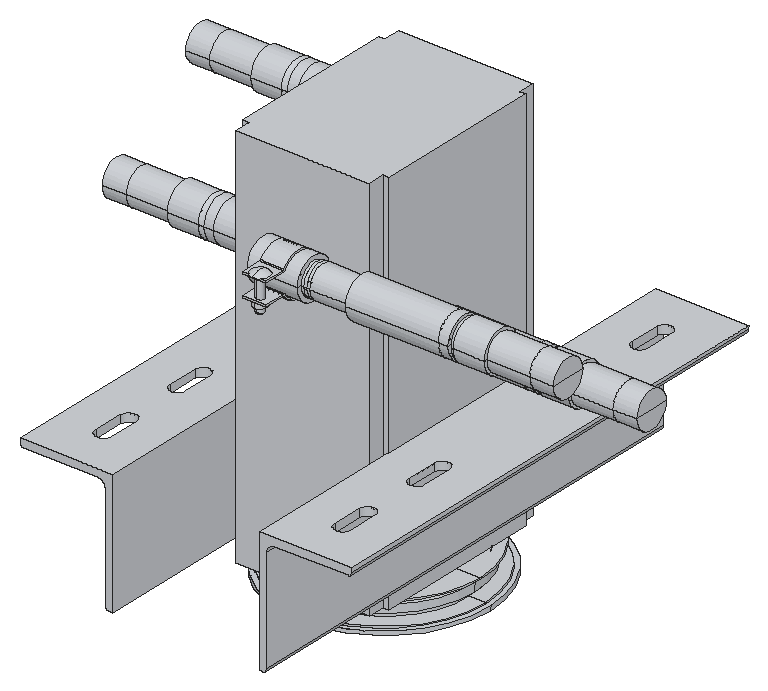
Revit family "BUSport-TR3-01", category Electrical Fixtures, host Ceiling, Revit 2018
Family settings
  Host = Ceiling
  Maintain Annotation Orientation = No
  Round Connector Dimension = Use Diameter
  Part Type = Normal
  OmniClass Number = 23.80.00.00
  OmniClass Title = Electric Power and Lighting
  Always vertical = Yes
  Cut with Voids When Loaded = No
  Shared = No
  Room Calculation Point = No
Reference planes (in)
  plane 1 "Center (Front/Back)": y = 0
  plane 2 "Ceiling": z = 96
  plane 3 "Center (Left/Right)": x = 0
  plane 4: x = -2.1725
  plane 5: x = 2.1725
  plane 6: y = 2.75451
  plane 7: y = -2.74049
Forms (in)
  Extrusion 1, solid
    sketch origin (0, 0, 0) x (1, 0, 0) y (0, 0, 1)
      loop
        line (-2.3625, 96.675) -> (2.3625, 96.675) -> (2.3625, 109.1875) -> (-2.3625, 109.1875) -> (-2.3625, 101.2375) -> (-2.3625, 96.675)
    from -3.30451 to 3.29049
  Extrusion 2, solid
    sketch origin (0, 0, 0) x (1, 0, 0) y (0, 0, 1)
      loop
        line (-2.6125, 100.7375) -> (-2.6125, 97.3625)
        arc (-2.6125, 97.3625) -> (-2.57589, 97.27411) -> (-2.4875, 97.2375) r 0.125
        line (-2.4875, 97.2375) -> (-2.3625, 97.2375) -> (-2.3625, 101.2375) -> (-5.3625, 101.2375) -> (-5.3625, 101.1125)
        arc (-5.3625, 101.1125) -> (-5.32589, 101.02411) -> (-5.2375, 100.9875) r 0.125
        line (-5.2375, 100.9875) -> (-2.8625, 100.9875)
        arc (-2.8625, 100.9875) -> (-2.68572, 100.91428) -> (-2.6125, 100.7375) r 0.25
      loop
        arc (2.6125, 100.7375) -> (2.68572, 100.91428) -> (2.8625, 100.9875) r 0.25
        line (2.8625, 100.9875) -> (5.2375, 100.9875)
        arc (5.2375, 100.9875) -> (5.32589, 101.02411) -> (5.3625, 101.1125) r 0.125
        line (5.3625, 101.1125) -> (5.3625, 101.2375) -> (2.3625, 101.2375) -> (2.3625, 97.2375) -> (2.4875, 97.2375)
        arc (2.4875, 97.2375) -> (2.57589, 97.27411) -> (2.6125, 97.3625) r 0.125
        line (2.6125, 97.3625) -> (2.6125, 100.7375)
    from -8.00601 to 7.99399
  Extrusion 3, solid
    sketch origin (0, 0, 0) x (1, 0, 0) y (0, 1, 0)
      loop
        circle (0, 0) r 3.4375
    from 95.825 to 95.95
  Revolve 4, solid
    sketch origin (0, 0, 0) x (1, 0, 0) y (0, 0, 1)
      loop
        line (-3.275, 96) -> (-3.275, 95.95) -> (0, 95.95) -> (0, 96.675) -> (-3.125, 96.675) -> (-3.125, 96.625) -> (-2.75, 96.625) -> (-2.75, 96.43563) -> (-2.93074, 96.43496) -> (-2.93074, 96.19009) -> (-2.75, 96.18839) -> (-2.75, 96) -> (-3.275, 96)
      axis (0, 96.675) -> (0, 95.95)
    angle from 0 to 360
  Extrusion 5, solid
    sketch origin (0, 0, -4.33125) x (0, 1, 0) y (0, 0, 1)
      loop
        arc (4.46497, 110.91487) -> (4.49736, 110.88559) -> (4.53972, 110.875) r 0.09
        line (4.53972, 110.875) -> (5.23407, 110.875) -> (5.23407, 110.92) -> (4.53972, 110.92)
        arc (4.53972, 110.92) -> (4.51854, 110.92529) -> (4.50234, 110.93993) r 0.045
        arc (4.50234, 110.93993) -> (3.93478, 111.24986) -> (3.35546, 110.9625) r 0.7
        arc (3.35546, 110.9625) -> (3.33194, 110.94589) -> (3.30316, 110.94694) r 0.045
        line (3.30316, 110.94694) -> (3.30316, 110.90044)
        arc (3.30316, 110.90044) -> (3.35259, 110.90548) -> (3.39182, 110.93598) r 0.09
        arc (3.39182, 110.93598) -> (3.93389, 111.20487) -> (4.46497, 110.91487) r 0.655
      loop
        arc (4.46497, 110.18513) -> (3.93389, 109.89513) -> (3.39182, 110.16402) r 0.655
        arc (3.39182, 110.16402) -> (3.35259, 110.19452) -> (3.30316, 110.19956) r 0.09
        line (3.30316, 110.19956) -> (3.30316, 110.15306)
        arc (3.30316, 110.15306) -> (3.33194, 110.15411) -> (3.35546, 110.1375) r 0.045
        arc (3.35546, 110.1375) -> (3.93478, 109.85014) -> (4.50235, 110.16007) r 0.7
        arc (4.50235, 110.16007) -> (4.51854, 110.17471) -> (4.53972, 110.18) r 0.045
        line (4.53972, 110.18) -> (5.23407, 110.18) -> (5.23407, 110.225) -> (4.53972, 110.225)
        arc (4.53972, 110.225) -> (4.49736, 110.21441) -> (4.46497, 110.18513) r 0.09
    from -0.375 to 0.375
  Revolve 6, solid
    sketch origin (0, 0, 106.21875) x (1, 0, 0) y (0, 1, 0)
      loop
        line (-8.2425, 4.43384) -> (-9.02187, 4.43287) -> (-9.02187, 3.85134) -> (0.8125, 3.85134) -> (0.8125, 4.50634) -> (-0.8125, 4.50634) -> (-0.8125, 4.37384) -> (-0.8625, 4.32384) -> (-0.9125, 4.37384) -> (-0.9625, 4.32384) -> (-1.0125, 4.37384) -> (-1.0625, 4.32384) -> (-1.1125, 4.37384) -> (-2.3625, 4.37384) -> (-2.3625, 4.50634) -> (-5.3625, 4.50634) -> (-5.675, 4.50634) -> (-5.675, 4.31775)
        arc (-5.675, 4.31775) -> (-5.73044, 4.44933) -> (-5.86, 4.50936) r 0.1979
        line (-5.86, 4.50936) -> (-6.855, 4.51134) -> (-6.855, 4.43384) -> (-8.2425, 4.43384)
      axis (0.8125, 3.85134) -> (-9.02187, 3.85134)
    angle from 0 to 360
  Revolve 7, solid
    sketch origin (0, -3.375, 103.79589) x (1, 0, 0) y (0, 1, 0)
      loop
        line (-8.2425, 4.43384) -> (-9.02187, 4.43287) -> (-9.02187, 3.85134) -> (0.8125, 3.85134) -> (0.8125, 4.50634) -> (-0.8125, 4.50634) -> (-0.8125, 4.37384) -> (-0.8625, 4.32384) -> (-0.9125, 4.37384) -> (-0.9625, 4.32384) -> (-1.0125, 4.37384) -> (-1.0625, 4.32384) -> (-1.1125, 4.37384) -> (-2.3625, 4.37384) -> (-2.3625, 4.50634) -> (-5.3625, 4.50634) -> (-5.675, 4.50634) -> (-5.675, 4.31775)
        arc (-5.675, 4.31775) -> (-5.73044, 4.44933) -> (-5.86, 4.50936) r 0.1979
        line (-5.86, 4.50936) -> (-6.855, 4.51134) -> (-6.855, 4.43384) -> (-8.2425, 4.43384)
      axis (0.8125, 3.85134) -> (-9.02187, 3.85134)
    angle from 0 to 360
  Revolve 8, solid
    sketch origin (0, 0, -4.33125) x (0, 1, 0) y (0, 0, 1)
      loop
        line (4.88616, 110.18) -> (4.79366, 110.18) -> (4.79366, 110) -> (4.88616, 110) -> (4.88616, 109.82178) -> (4.93794, 109.77) -> (5.01116, 109.77) -> (5.01116, 111.02)
        arc (5.01116, 111.02) -> (4.85897, 110.99429) -> (4.72366, 110.92) r 0.46328
        line (4.72366, 110.92) -> (4.88616, 110.92) -> (4.88616, 110.18)
      axis (5.01116, 109.77) -> (5.01116, 111.02)
    angle from 0 to 360
  Extrusion 9, void
    sketch origin (0, 0, 96) x (1, 0, 0) y (0, 1, 0)
      loop
        line (-3.5965, 5.5) -> (-3.5965, 6.5)
        arc (-3.5965, 6.5) -> (-3.8625, 6.766) -> (-4.1285, 6.5) r 0.266
        line (-4.1285, 6.5) -> (-4.1285, 5.5)
        arc (-4.1285, 5.5) -> (-3.8625, 5.234) -> (-3.5965, 5.5) r 0.266
      loop
        line (-3.5965, 2.5) -> (-3.5965, 3.5)
        arc (-3.5965, 3.5) -> (-3.8625, 3.766) -> (-4.1285, 3.5) r 0.266
        line (-4.1285, 3.5) -> (-4.1285, 2.5)
        arc (-4.1285, 2.5) -> (-3.8625, 2.234) -> (-3.5965, 2.5) r 0.266
      loop
        line (-3.5965, -3.5) -> (-3.5965, -2.5)
        arc (-3.5965, -2.5) -> (-3.8625, -2.234) -> (-4.1285, -2.5) r 0.266
        line (-4.1285, -2.5) -> (-4.1285, -3.5)
        arc (-4.1285, -3.5) -> (-3.8625, -3.766) -> (-3.5965, -3.5) r 0.266
      loop
        line (-3.5965, -6.5) -> (-3.5965, -5.5)
        arc (-3.5965, -5.5) -> (-3.8625, -5.234) -> (-4.1285, -5.5) r 0.266
        line (-4.1285, -5.5) -> (-4.1285, -6.5)
        arc (-4.1285, -6.5) -> (-3.8625, -6.766) -> (-3.5965, -6.5) r 0.266
      loop
        arc (3.5965, 5.5) -> (3.8625, 5.234) -> (4.1285, 5.5) r 0.266
        line (4.1285, 5.5) -> (4.1285, 6.5)
        arc (4.1285, 6.5) -> (3.8625, 6.766) -> (3.5965, 6.5) r 0.266
        line (3.5965, 6.5) -> (3.5965, 5.5)
      loop
        arc (3.5965, 2.5) -> (3.8625, 2.234) -> (4.1285, 2.5) r 0.266
        line (4.1285, 2.5) -> (4.1285, 3.5)
        arc (4.1285, 3.5) -> (3.8625, 3.766) -> (3.5965, 3.5) r 0.266
        line (3.5965, 3.5) -> (3.5965, 2.5)
      loop
        arc (3.5965, -3.5) -> (3.8625, -3.766) -> (4.1285, -3.5) r 0.266
        line (4.1285, -3.5) -> (4.1285, -2.5)
        arc (4.1285, -2.5) -> (3.8625, -2.234) -> (3.5965, -2.5) r 0.266
        line (3.5965, -2.5) -> (3.5965, -3.5)
      loop
        arc (3.5965, -6.5) -> (3.8625, -6.766) -> (4.1285, -6.5) r 0.266
        line (4.1285, -6.5) -> (4.1285, -5.5)
        arc (4.1285, -5.5) -> (3.8625, -5.234) -> (3.5965, -5.5) r 0.266
        line (3.5965, -5.5) -> (3.5965, -6.5)
    from 2.78522 to 9.73485
  Extrusion 10, solid
    sketch origin (0, 0, -4.33125) x (0, -1, 0) y (0, 0, 1)
      loop
        arc (4.46497, 110.91487) -> (4.49736, 110.88559) -> (4.53972, 110.875) r 0.09
        line (4.53972, 110.875) -> (5.23407, 110.875) -> (5.23407, 110.92) -> (4.53972, 110.92)
        arc (4.53972, 110.92) -> (4.51854, 110.92529) -> (4.50234, 110.93993) r 0.045
        arc (4.50234, 110.93993) -> (3.93478, 111.24986) -> (3.35546, 110.9625) r 0.7
        arc (3.35546, 110.9625) -> (3.33194, 110.94589) -> (3.30316, 110.94694) r 0.045
        line (3.30316, 110.94694) -> (3.30316, 110.90044)
        arc (3.30316, 110.90044) -> (3.35259, 110.90548) -> (3.39182, 110.93598) r 0.09
        arc (3.39182, 110.93598) -> (3.93389, 111.20487) -> (4.46497, 110.91487) r 0.655
      loop
        arc (4.46497, 110.18513) -> (3.93389, 109.89513) -> (3.39182, 110.16402) r 0.655
        arc (3.39182, 110.16402) -> (3.35259, 110.19452) -> (3.30316, 110.19956) r 0.09
        line (3.30316, 110.19956) -> (3.30316, 110.15306)
        arc (3.30316, 110.15306) -> (3.33194, 110.15411) -> (3.35546, 110.1375) r 0.045
        arc (3.35546, 110.1375) -> (3.93478, 109.85014) -> (4.50235, 110.16007) r 0.7
        arc (4.50235, 110.16007) -> (4.51854, 110.17471) -> (4.53972, 110.18) r 0.045
        line (4.53972, 110.18) -> (5.23407, 110.18) -> (5.23407, 110.225) -> (4.53972, 110.225)
        arc (4.53972, 110.225) -> (4.49736, 110.21441) -> (4.46497, 110.18513) r 0.09
    from -0.375 to 0.375
  Revolve 11, solid
    sketch origin (0, 0, 106.21875) x (-1, 0, 0) y (0, -1, 0)
      loop
        line (-8.2425, 4.43384) -> (-9.02188, 4.43287) -> (-9.02188, 3.85134) -> (0.8125, 3.85134) -> (0.8125, 4.50634) -> (-0.8125, 4.50634) -> (-0.8125, 4.37384) -> (-0.8625, 4.32384) -> (-0.9125, 4.37384) -> (-0.9625, 4.32384) -> (-1.0125, 4.37384) -> (-1.0625, 4.32384) -> (-1.1125, 4.37384) -> (-2.3625, 4.37384) -> (-2.3625, 4.50634) -> (-5.3625, 4.50634) -> (-5.675, 4.50634) -> (-5.675, 4.31775)
        arc (-5.675, 4.31775) -> (-5.73044, 4.44933) -> (-5.86, 4.50936) r 0.1979
        line (-5.86, 4.50936) -> (-6.855, 4.51134) -> (-6.855, 4.43384) -> (-8.2425, 4.43384)
      axis (0.8125, 3.85134) -> (-9.02188, 3.85134)
    angle from 0 to 360
  Revolve 12, solid
    sketch origin (0, 0, -4.33125) x (0, -1, 0) y (0, 0, 1)
      loop
        line (4.88616, 110.18) -> (4.79366, 110.18) -> (4.79366, 110) -> (4.88616, 110) -> (4.88616, 109.82178) -> (4.93794, 109.77) -> (5.01116, 109.77) -> (5.01116, 111.02)
        arc (5.01116, 111.02) -> (4.85897, 110.99429) -> (4.72366, 110.92) r 0.46328
        line (4.72366, 110.92) -> (4.88616, 110.92) -> (4.88616, 110.18)
      axis (5.01116, 109.77) -> (5.01116, 111.02)
    angle from 0 to 360
  Revolve 13, solid
    sketch origin (0, 3.375, 103.79589) x (-1, 0, 0) y (0, -1, 0)
      loop
        line (-8.2425, 4.43384) -> (-9.02188, 4.43287) -> (-9.02188, 3.85134) -> (0.8125, 3.85134) -> (0.8125, 4.50634) -> (-0.8125, 4.50634) -> (-0.8125, 4.37384) -> (-0.8625, 4.32384) -> (-0.9125, 4.37384) -> (-0.9625, 4.32384) -> (-1.0125, 4.37384) -> (-1.0625, 4.32384) -> (-1.1125, 4.37384) -> (-2.3625, 4.37384) -> (-2.3625, 4.50634) -> (-5.3625, 4.50634) -> (-5.675, 4.50634) -> (-5.675, 4.31775)
        arc (-5.675, 4.31775) -> (-5.73044, 4.44933) -> (-5.86, 4.50936) r 0.1979
        line (-5.86, 4.50936) -> (-6.855, 4.51134) -> (-6.855, 4.43384) -> (-8.2425, 4.43384)
      axis (0.8125, 3.85134) -> (-9.02188, 3.85134)
    angle from 0 to 360
  Extrusion 14, void
    sketch origin (0, 0, 96) x (1, 0, 0) y (0, 1, 0)
      loop
        line (-2.1725, 2.75451) -> (-2.1725, 3.30451) -> (-2.3625, 3.30451) -> (-2.3625, 2.75451) -> (-2.1725, 2.75451)
      loop
        line (2.1725, 2.75451) -> (2.3625, 2.75451) -> (2.3625, 3.30451) -> (2.1725, 3.30451) -> (2.1725, 2.75451)
      loop
        line (-2.1725, -2.75451) -> (-2.3625, -2.75451) -> (-2.3625, -3.30451) -> (-2.1725, -3.30451) -> (-2.1725, -2.75451)
      loop
        line (2.1725, -2.75451) -> (2.1725, -3.30451) -> (2.3625, -3.30451) -> (2.3625, -2.75451) -> (2.1725, -2.75451)
    from 0.675 to 13.1875
  Revolve 15, solid
    sketch origin (0, 0, 14.8375) x (1, 0, 0) y (0, 0, 1)
      loop
        line (0.125, 80.65099) -> (0.125, 80.9875) -> (0, 80.9875) -> (0, 80.6175)
        arc (0, 80.6175) -> (0.0647, 80.62602) -> (0.125, 80.65099) r 0.25
      axis (0, 80.9875) -> (0, 80.6175)
    angle from 0 to 360
Cuts and joins
  Extrusion 9 cuts Extrusion 2
  Extrusion 14 cuts Extrusion 1
Dimensions and locks (in)
  equal spacing: host sketch curve, plane 3 "Center (Left/Right)", host sketch curve
  equal spacing: host sketch curve, plane 1 "Center (Front/Back)", host sketch curve
  host sketch curve to host sketch curve = 120"  (x2)
